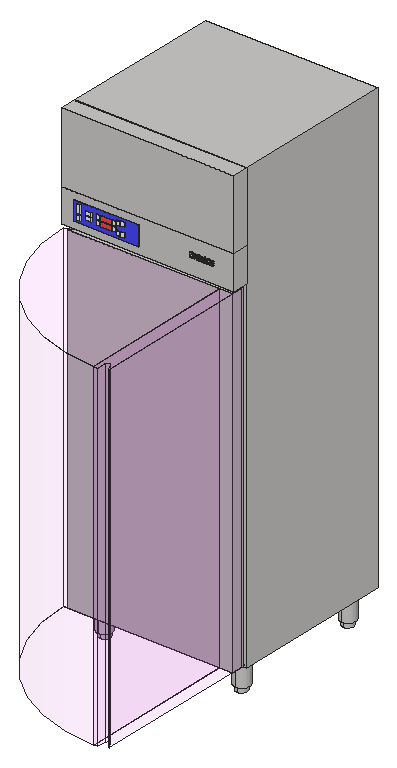
Revit family "QF_ELECTROLUXPROFESSIONAL_727892_RBC20156", category Specialty Equipment, Revit 2018
Family settings
  Round Connector Dimension = Use Diameter
  Part Type = Normal
  Work Plane-Based = No
  Always vertical = Yes
  Cut with Voids When Loaded = No
  Shared = No
  Room Calculation Point = No
Parameters (values of type "Standard")
  Weight = 231.00 kg
  Watts = 0 W
  Volts = 380 V
  URL Manufacturer = "http://professional.electrolux.com"
  URL = "http://professional.electrolux.com"
  Steam Supply Size = 0 mm
  Steam Supply Minimum Pressure = 0.0 Pa
  Steam Supply Maximum Pressure = 0.0 Pa
  Steam Pounds per Hour = 0
  Refrigeration Suction Line Size = 0 mm
  Refrigeration Liquid Line Size = 0 mm
  Refrigerant Compressor Remote = yes
  Manufacturer = "Electrolux Professional"
  Phase = 3
  Model = "RBC20156"
  Length Actual = 800 mm  # constant formula
  Item Number = "727892"
  Hot Water Size = 0 mm
  Height Actual = 2230 mm  # constant formula
  HP = "3.3 HP"
  Gas Size = 0 mm
  Gas KW = 0
  Gas Input Pressure = 0 W
  Direct Waste Size = 0 mm
  Description = "BLAST CHILLER 56 KG 20 GN1/1-R452A"
  Depth Actual = 835 mm  # constant formula
  Cycle = 50 Hz
  Condensate Return Size = 0 mm
  Compressed Air Volume = 0.0 L/s
  Compressed Air Size = 0 mm
  Compressed Air Pressure = 0.0 Pa
  Cold Water Size = 0 mm
  Accessory = yes
Types (2, lengths in mm): name | URL | Manufacturer | Phase | Model | Description
  (no name) | 0 | 0 | 0 | 0 | 0
  Standard | "http://professional.electrolux.com" | "Electrolux Professional" | 3 | "RBC20156" | "BLAST CHILLER 56 KG 20 GN1/1-R452A"
Values of the unnamed type that differ from the named types
  Volts = 0 V
  URL Manufacturer = ""
  Item Number = ""
  Cycle = 0 Hz
Reference planes
  plane 1 "Center (Front/Back)": y = 137.5
  plane 2: z = 0
  plane 3 "Center (Left/Right)": x = 0
  plane 4 "TOP": z = 2232
  plane 5 "FRONT": y = -312.5
  plane 6 "BACK": y = 521.5
  plane 7 "LEFT": x = -400
  plane 8 "RIGHT": x = 400
  plane 9 "FEET": z = 150
  plane 10: y = -237.5
  plane 11 "DrainX": y = 11.5
  plane 12 "FbY": y = 449.5
  plane 13 "FfY": y = -167.5
  plane 14 "FLr": x = 319
  plane 15 "FLx": x = -319
  plane 16 "EIz": z = 1916
  plane 17: y = -1048.5
Forms (mm)
  Extrusion 1, solid, material "QF_Finishes_Stainless Steel"
    sketch origin (33, 0, 150) x (-1, 0, 0) y (0, -1, 0)
      loop
        circle (33, -11.5) r 16.5
    from -2 to 0
  Extrusion 2, solid, material "QF_Finishes_Stainless Steel"
    sketch origin (0, 0, 0) x (0, 1, 0) y (-1, 0, 0)
      loop
        circle (449.5, -319) r 25
      loop
        circle (-167.5, -319) r 25
      loop
        circle (-167.5, 319) r 25
      loop
        circle (449.5, 319) r 25
    from 25.302 to 0
  Extrusion 3, solid, material "QF_Finishes_Stainless Steel"
    sketch origin (0, 0, 0) x (0, 1, 0) y (-1, 0, 0)
      loop
        circle (449.5, -319) r 35
      loop
        circle (-167.5, -319) r 35
      loop
        circle (-167.5, 319) r 35
      loop
        circle (449.5, 319) r 35
    from 25.302 to 150
  Extrusion 4, solid, material "QF_Finishes_Stainless Steel"
    sketch origin (0, 0, 150) x (-1, 0, 0) y (0, -1, 0)
      loop
        line (-400, -521.5) -> (400, -521.5) -> (400, 237.5) -> (-400, 237.5) -> (-400, -521.5)
    from 0 to 2082
  Extrusion 5, solid, material "QF_Finishes_Stainless Steel"
    sketch origin (0, -15.001, 1443.099) x (0, 1, 0) y (0, 0, 1)
      loop
        line (-297.499, 461.901) -> (-297.499, 306.901) -> (-222.499, 306.901) -> (-222.499, 461.901) -> (-297.499, 461.901)
    from 400 to -400
  Extrusion 6, solid, material "QF_Finishes_Stainless Steel"
    sketch origin (400, -10.001, 0) x (0, -1, 0) y (0, 0, 1)
      loop
        line (290.567, 1736.4) -> (290.567, 1740.1) -> (227.499, 1740.1) -> (227.499, 1736.4) -> (290.567, 1736.4)
      loop
        line (290.567, 158.4) -> (233.803, 158.4)
        arc (233.803, 158.4) -> (229.348, 156.555) -> (227.503, 152.1) r 6.3
        line (227.503, 152.1) -> (227.503, 150) -> (230.779, 150) -> (230.779, 151.399)
        arc (230.779, 151.399) -> (231.657, 153.52) -> (233.779, 154.399) r 3
        line (233.779, 154.399) -> (290.567, 154.399) -> (290.567, 158.4)
    from 50.986 to 17.216
  Extrusion 7, solid, material "QF_Finishes_Stainless Steel"
    sketch origin (101.495, -312.5, 0) x (-1, 0, 0) y (0, 0, 1)
      loop
        line (263.995, 128.302) -> (-61.005, 128.302) -> (-61.005, 126.302) -> (-63.005, 126.302) -> (-63.005, 150) -> (-77.505, 150) -> (-77.505, 148.302) -> (-64.505, 148.302) -> (-64.505, 124.795) -> (-61.005, 124.795) -> (-61.005, 120.802) -> (-47.01, 120.802) -> (-47.01, 85.802) -> (252.991, 85.802) -> (252.991, 120.802) -> (263.995, 120.802) -> (263.995, 124.795) -> (267.495, 124.795) -> (267.495, 148.302) -> (280.495, 148.302) -> (280.495, 150) -> (265.995, 150) -> (265.995, 126.302) -> (263.995, 126.302) -> (263.995, 128.302)
    from 505 to 153.183
  Extrusion 8, solid, material "QF_Clearances", detail levels coarse
    sketch origin (0, 0, 0) x (1, 0, 0) y (0, 1, 0)
      loop
        line (-400, -312.5) -> (-400, 521.5) -> (400, 521.5) -> (400, -312.5) -> (450, -312.5) -> (450, 571.5) -> (-450, 571.5) -> (-450, -312.5) -> (-400, -312.5)
    from 2232 to 0
  Extrusion 9, solid, material "QF_Door-Drawer Clearances"
    sketch origin (-0.635, 0, 150) x (-1, 0, 0) y (0, -1, 0)
      loop
        line (-395.092, 1026.519) -> (-395.092, 261.519) -> (-335.092, 261.519) -> (-335.092, 1048.5) -> (-356.592, 1048.5) -> (-356.592, 1004.706)
        arc (-356.592, 1004.706) -> (-363.585, 995.169) -> (-374.784, 998.971) r 10
        line (-374.784, 998.971) -> (-391.454, 1027.577)
        arc (-391.454, 1027.577) -> (-393.693, 1028.337) -> (-395.092, 1026.43) r 2
    from 8.4 to 1586.4
  Extrusion 10, solid, material "QF_Finishes_Stainless Steel"
    sketch origin (0, 0, 333.88) x (0, 1, 0) y (0, 0, 1)
      loop
        line (-312.5, 1898.12) -> (-312.5, 1571.12) -> (-237.5, 1571.12) -> (-237.5, 1898.12) -> (-312.5, 1898.12)
    from 400 to -400
  Extrusion 11, solid, material "QF_Finishes_White"
    sketch origin (0, -312.5, 0) x (-1, 0, 0) y (0, 0, 1)
      loop
        arc (-211.474, 1844.549) -> (-218.792, 1834.652) -> (-211.474, 1824.755) r 10.352
        line (-211.474, 1824.755) -> (-211.474, 1844.549)
      loop
        line (-210.712, 1844.613) -> (-210.712, 1843.039)
        arc (-210.712, 1843.039) -> (-207.989, 1837.89) -> (-202.742, 1835.359) r 9.332
        line (-202.742, 1835.359) -> (-198.278, 1835.359)
        arc (-198.278, 1835.359) -> (-202.368, 1842.844) -> (-210.712, 1844.613) r 10.21
      loop
        line (-210.468, 1826.188) -> (-210.468, 1824.501)
        arc (-210.468, 1824.501) -> (-202.229, 1826.564) -> (-198.269, 1834.078) r 10.411
        line (-198.269, 1834.078) -> (-201.544, 1834.078)
        arc (-201.544, 1834.078) -> (-207.394, 1831.704) -> (-210.468, 1826.188) r 9.509
      loop
        line (-197.518, 1845.63) -> (-219.548, 1845.63) -> (-219.548, 1823.63) -> (-197.518, 1823.63) -> (-197.518, 1845.63)
    from -4.8 to -3.2
  Extrusion 12, solid, material "QF_Finishes_White"
    sketch origin (432.433, -312.5, 1564.453) x (-1, 0, 0) y (0, 0, 1)
      loop
        line (193.167, 280.964) -> (193.167, 279.02) -> (198.537, 279.02) -> (198.537, 276.182) -> (193.489, 276.182) -> (193.489, 274.232) -> (198.537, 274.232) -> (198.537, 272.515)
        arc (198.537, 272.515) -> (198.012, 271.323) -> (196.778, 270.906) r 1.615
        line (196.778, 270.906) -> (193.023, 270.906) -> (193.023, 268.964) -> (197.262, 268.964)
        arc (197.262, 268.964) -> (199.625, 269.942) -> (200.603, 272.305) r 3.341
        line (200.603, 272.305) -> (200.603, 280.964) -> (193.167, 280.964)
      loop
        line (191.555, 280.964) -> (189.488, 280.964) -> (189.488, 268.964) -> (191.555, 268.964) -> (191.555, 280.964)
      loop
        line (146.663, 280.964) -> (144.595, 280.964) -> (144.595, 268.964) -> (146.663, 268.964) -> (146.663, 280.964)
      loop
        arc (186.07, 272.796) -> (185.679, 271.485) -> (184.54, 270.726) r 2.013
        arc (184.54, 270.726) -> (182.673, 270.564) -> (181.066, 271.529) r 3.039
        line (181.066, 271.529) -> (179.841, 270.304)
        arc (179.841, 270.304) -> (181.732, 269.031) -> (183.987, 268.699) r 5.15
        arc (183.987, 268.699) -> (186.884, 269.899) -> (188.084, 272.796) r 4.097
        arc (188.084, 272.796) -> (187.172, 276.26) -> (183.977, 277.881) r 4.373
        arc (183.977, 277.881) -> (180.348, 276.522) -> (179.288, 272.796) r 4.298
        line (179.288, 272.796) -> (186.07, 272.796)
      loop
        arc (186.018, 274.249) -> (185.108, 275.698) -> (183.453, 276.13) r 2.321
        arc (183.453, 276.13) -> (182.018, 275.623) -> (181.364, 274.249) r 1.983
        line (181.364, 274.249) -> (186.018, 274.249)
      loop
        arc (171.23, 275.114) -> (172.894, 276.024) -> (174.768, 275.738) r 2.961
        arc (174.768, 275.738) -> (175.939, 274.497) -> (176.078, 272.796) r 2.578
        arc (176.078, 272.796) -> (174.082, 270.645) -> (171.296, 271.566) r 2.714
        line (171.296, 271.566) -> (170.006, 270.276)
        arc (170.006, 270.276) -> (175.469, 269.146) -> (178.138, 274.046) r 4.684
        arc (178.138, 274.046) -> (176.554, 276.84) -> (173.538, 277.942) r 4.652
        arc (173.538, 277.942) -> (171.56, 277.59) -> (169.933, 276.412) r 4.497
        line (169.933, 276.412) -> (171.23, 275.114)
      loop
        line (168.663, 280.964) -> (166.596, 280.964) -> (166.596, 277.643) -> (164.718, 277.643) -> (164.718, 275.765) -> (166.596, 275.765) -> (166.596, 272.796)
        arc (166.596, 272.796) -> (166.418, 271.845) -> (165.754, 271.143) r 1.713
        arc (165.754, 271.143) -> (165.235, 270.938) -> (164.68, 270.895) r 1.862
        line (164.68, 270.895) -> (164.68, 268.959)
        arc (164.68, 268.959) -> (166.548, 269.205) -> (168.024, 270.378) r 3.531
        arc (168.024, 270.378) -> (168.484, 271.533) -> (168.663, 272.764) r 5.301
        line (168.663, 272.764) -> (168.663, 280.964)
      loop
        line (160.929, 273.526) -> (160.929, 268.964) -> (162.979, 268.964) -> (162.979, 277.643) -> (160.929, 277.643) -> (160.929, 276.392)
        arc (160.929, 276.392) -> (159.543, 277.581) -> (157.725, 277.752) r 3.016
        line (157.725, 277.752) -> (157.725, 275.765)
        arc (157.725, 275.765) -> (159.117, 275.794) -> (160.355, 275.158) r 2.84
        arc (160.355, 275.158) -> (160.781, 274.391) -> (160.929, 273.526) r 2.607
      loop
        circle (152.671, 273.302) r 4.599
      loop
        circle (152.671, 273.302) r 2.787
      loop
        line (137.14, 272.578) -> (137.14, 277.643) -> (135.056, 277.643) -> (135.056, 272.491)
        arc (135.056, 272.491) -> (136.211, 269.731) -> (139.035, 268.744) r 3.675
        arc (139.035, 268.744) -> (141.828, 269.702) -> (143.014, 272.406) r 3.675
        line (143.014, 272.406) -> (143.014, 277.643) -> (140.93, 277.643) -> (140.93, 272.578)
        arc (140.93, 272.578) -> (140.419, 271.175) -> (139.035, 270.616) r 1.835
        arc (139.035, 270.616) -> (137.65, 271.175) -> (137.14, 272.578) r 1.835
      loop
        line (133.807, 277.643) -> (131.571, 277.643) -> (129.699, 275.066) -> (127.798, 277.643) -> (125.542, 277.643) -> (128.514, 273.615) -> (125.263, 268.961) -> (127.471, 268.961) -> (129.692, 272.018) -> (131.881, 268.961) -> (134.103, 268.961) -> (130.805, 273.567) -> (133.807, 277.643)
      loop
        arc (199.441, 263.989) -> (198.075, 262.743) -> (199.19, 261.268) r 1.372
        line (199.19, 261.268) -> (200.187, 261.268) -> (200.187, 259.839) -> (201.089, 259.839) -> (201.089, 263.989) -> (199.441, 263.989)
      loop
        line (199.229, 262.084) -> (200.187, 262.084) -> (200.187, 263.15) -> (199.229, 263.15)
        arc (199.229, 263.15) -> (198.888, 262.617) -> (199.229, 262.084) r 0.587
      loop
        arc (192.929, 263.989) -> (191.972, 263.599) -> (191.559, 262.651) r 1.37
        arc (191.559, 262.651) -> (191.69, 262.056) -> (192.082, 261.589) r 1.281
        line (192.082, 261.589) -> (191.266, 259.839) -> (192.234, 259.839) -> (192.831, 261.268) -> (193.703, 261.268) -> (193.703, 259.839) -> (194.605, 259.839) -> (194.605, 263.989) -> (192.929, 263.989)
      loop
        line (193.703, 263.15) -> (192.746, 263.15)
        arc (192.746, 263.15) -> (192.404, 262.617) -> (192.746, 262.084) r 0.587
        line (192.746, 262.084) -> (193.703, 262.084) -> (193.703, 263.15)
      loop
        circle (185.967, 261.914) r 2.156
      loop
        circle (185.967, 261.914) r 1.368
      loop
        line (180.268, 263.989) -> (177.677, 263.989) -> (177.677, 263.095) -> (179.388, 263.095) -> (179.388, 262.219) -> (177.826, 262.219) -> (177.826, 261.289) -> (179.388, 261.289) -> (179.388, 259.839) -> (180.268, 259.839) -> (180.268, 263.989)
      loop
        line (174.177, 263.989) -> (171.55, 263.989) -> (171.55, 263.205) -> (173.324, 263.205) -> (173.324, 262.388) -> (171.665, 262.388) -> (171.665, 261.604) -> (173.324, 261.604)
        arc (173.324, 261.604) -> (173.233, 261.009) -> (172.769, 260.626) r 0.845
        line (172.769, 260.626) -> (171.51, 260.626) -> (171.51, 259.842) -> (172.849, 259.842)
        arc (172.849, 259.842) -> (173.794, 260.237) -> (174.177, 261.187) r 1.327
        line (174.177, 261.187) -> (174.177, 263.989)
      loop
        line (159.148, 263.463) -> (159.622, 262.841)
        arc (159.622, 262.841) -> (159.984, 263.162) -> (160.455, 263.275) r 0.998
        arc (160.455, 263.275) -> (160.848, 262.962) -> (160.576, 262.539) r 0.375
        arc (160.576, 262.539) -> (160.105, 262.363) -> (159.646, 262.158) r 8.236
        arc (159.646, 262.158) -> (159.284, 261.921) -> (159, 261.594) r 1.564
        arc (159, 261.594) -> (158.869, 260.883) -> (159.123, 260.206) r 1.349
        arc (159.123, 260.206) -> (159.699, 259.901) -> (160.338, 259.773) r 2.246
        arc (160.338, 259.773) -> (160.855, 259.825) -> (161.333, 260.029) r 1.719
        arc (161.333, 260.029) -> (161.755, 260.41) -> (162.016, 260.915) r 1.595
        line (162.016, 260.915) -> (161.29, 261.253)
        arc (161.29, 261.253) -> (161.084, 260.892) -> (160.747, 260.649) r 0.983
        arc (160.747, 260.649) -> (160.356, 260.55) -> (159.964, 260.643) r 0.846
        arc (159.964, 260.643) -> (159.753, 261.066) -> (160.06, 261.427) r 0.43
        arc (160.06, 261.427) -> (160.545, 261.662) -> (161.056, 261.832) r 4.201
        arc (161.056, 261.832) -> (161.664, 262.559) -> (161.566, 263.502) r 1.217
        arc (161.566, 263.502) -> (161.037, 263.9) -> (160.394, 264.058) r 1.645
        arc (160.394, 264.058) -> (159.698, 263.914) -> (159.148, 263.463) r 1.485
      loop
        line (155.341, 263.989) -> (154.488, 263.989) -> (154.488, 259.842) -> (155.341, 259.842) -> (155.341, 263.989)
      loop
        circle (148.739, 261.916) r 1.29
      loop
        circle (148.739, 261.916) r 2.154
      loop
        line (143.018, 259.842) -> (143.018, 263.989) -> (142.189, 263.989) -> (140.292, 261.303) -> (140.292, 263.989) -> (139.43, 263.989) -> (139.43, 259.842) -> (140.259, 259.842) -> (142.156, 262.449) -> (142.156, 259.842) -> (143.018, 259.842)
      loop
        line (135.131, 259.842) -> (136.046, 259.842) -> (134.424, 263.989) -> (133.624, 263.989) -> (131.872, 259.842) -> (132.789, 259.842) -> (133.193, 260.737) -> (134.727, 260.737) -> (135.131, 259.842)
      loop
        line (133.575, 261.587) -> (134.385, 261.587) -> (133.986, 262.499) -> (133.575, 261.587)
      loop
        line (127.637, 260.626) -> (126.042, 260.626) -> (126.042, 259.842) -> (128.49, 259.842) -> (128.49, 263.989) -> (127.637, 263.989) -> (127.637, 260.626)
      loop
        line (165.366, 263.463) -> (165.84, 262.841)
        arc (165.84, 262.841) -> (166.202, 263.162) -> (166.672, 263.275) r 0.998
        arc (166.672, 263.275) -> (167.065, 262.962) -> (166.793, 262.539) r 0.375
        arc (166.793, 262.539) -> (166.323, 262.363) -> (165.864, 262.158) r 8.236
        arc (165.864, 262.158) -> (165.501, 261.921) -> (165.217, 261.594) r 1.564
        arc (165.217, 261.594) -> (165.086, 260.883) -> (165.341, 260.206) r 1.349
        arc (165.341, 260.206) -> (165.916, 259.901) -> (166.556, 259.773) r 2.246
        arc (166.556, 259.773) -> (167.073, 259.825) -> (167.551, 260.029) r 1.719
        arc (167.551, 260.029) -> (167.972, 260.41) -> (168.234, 260.915) r 1.595
        line (168.234, 260.915) -> (167.508, 261.253)
        arc (167.508, 261.253) -> (167.301, 260.892) -> (166.964, 260.649) r 0.983
        arc (166.964, 260.649) -> (166.574, 260.55) -> (166.182, 260.643) r 0.846
        arc (166.182, 260.643) -> (165.971, 261.066) -> (166.277, 261.427) r 0.43
        arc (166.277, 261.427) -> (166.762, 261.662) -> (167.273, 261.832) r 4.201
        arc (167.273, 261.832) -> (167.881, 262.559) -> (167.783, 263.502) r 1.217
        arc (167.783, 263.502) -> (167.255, 263.9) -> (166.612, 264.058) r 1.645
        arc (166.612, 264.058) -> (165.916, 263.914) -> (165.366, 263.463) r 1.485
    from -3.2 to -4.8
  Extrusion 13, solid, material "QF_Finishes_Stainless Steel"
    sketch origin (350, 521.5, 0) x (-1, 0, 0) y (0, 0, 1)
      loop
        circle (350, 1916) r 10
    from 5 to 0
  Extrusion 14, solid, material "QF_Finishes_Stainless Steel"
    sketch origin (653.5, 82.592, 150) x (0, 1, 0) y (-1, 0, 0)
      loop
        line (-395.092, 1026.519) -> (-395.092, 261.519) -> (-335.092, 261.519) -> (-335.092, 1048.5) -> (-356.592, 1048.5) -> (-356.592, 1004.706)
        arc (-356.592, 1004.706) -> (-363.585, 995.169) -> (-374.784, 998.971) r 10
        line (-374.784, 998.971) -> (-391.454, 1027.577)
        arc (-391.454, 1027.577) -> (-393.693, 1028.337) -> (-395.092, 1026.43) r 2
    from 8.4 to 1586.4
  Extrusion 15, solid, material "QF_Door-Drawer Clearances"
    sketch origin (-0.635, 0, 150) x (-1, 0, 0) y (0, -1, 0)
      loop
        line (-335.092, 1048.5) -> (-335.092, 312.5) -> (394.365, 312.5)
        arc (394.365, 312.5) -> (180.74, 830.26) -> (-335.092, 1048.5) r 737.294
    from 8.4 to 1586.4
  Extrusion 16, solid, material "QF_Clearances", detail levels coarse
    sketch origin (0, 0, 0) x (1, 0, 0) y (0, 1, 0)
      loop
        line (450, -312.5) -> (450, 571.5) -> (-450, 571.5) -> (-450, -312.5) -> (450, -312.5)
    from 2732 to 2232
Lines and regions (mm)
  symbolic lines
    curve 1: line (400, 521.5, 0) -> (400, -312.5, 0)
    curve 2: line (400, 521.5, 0) -> (-400, 521.5, 0)
    curve 3: line (-400, -312.5, 0) -> (-400, 521.5, 0)
    curve 4: line (-400, -312.5, 0) -> (400, -312.5, 0)
  symbolic lines, style "SpecialityEquipmentHiddenLines"
    curve 5: line (400, -237.5, 0) -> (-400, -237.5, 0)
    curve 7: arc (-395, -312.5, 0) -> (-181.375, -830.26, 0) -> (334.457, -1048.5, 0) r 737.294
    curve 8: line (334.457, -1048.5, 0) -> (334.457, -312.5, 0)
    curve 9: line (394.457, -1026.519, 0) -> (394.457, -312.5, 0)
    curve 10: arc (390.819, -1027.577, 0) -> (393.059, -1028.337, 0) -> (394.457, -1026.43, 0) r 2
    curve 11: line (374.149, -998.971, 0) -> (390.819, -1027.577, 0)
    curve 12: arc (355.957, -1004.706, 0) -> (362.95, -995.169, 0) -> (374.149, -998.971, 0) r 10
    curve 13: line (355.957, -1048.5, 0) -> (355.957, -1004.706, 0)
    curve 14: line (334.457, -1048.5, 0) -> (355.957, -1048.5, 0)
  symbolic lines, style "QF_Clearances", detail levels coarse
    curve 6: line (450, -312.5, 0) -> (450, 571.5, 0)
    curve 15: line (450, 571.5, 0) -> (-450, 571.5, 0)
    curve 16: line (-450, 571.5, 0) -> (-450, -312.5, 0)
Dimensions and locks
  equal spacing: plane 7 "LEFT", plane 3 "Center (Left/Right)", plane 8 "RIGHT"
  plane 7 "LEFT" to plane 8 "RIGHT" = 800 mm
  plane 6 "BACK" to plane 5 "FRONT" = 834 mm
  plane 4 "TOP" to plane 2 = 2232 mm
  equal spacing: plane 8 "RIGHT", plane 3 "Center (Left/Right)", plane 7 "LEFT"
  plane 8 "RIGHT" to plane 7 "LEFT" = 800 mm
  plane 6 "BACK" to plane 11 "DrainX" = 510 mm
  plane 7 "LEFT" to plane 15 "FLx" = 81 mm
  plane 14 "FLr" to plane 8 "RIGHT" = 81 mm
  plane 6 "BACK" to plane 12 "FbY" = 72 mm
  plane 10 to plane 5 "FRONT" = 75 mm
  locked: plane 9 "FEET" to level at 150
  plane 16 "EIz" to level = 1916 mm
  plane 6 "BACK" to plane 17 = 1570 mm
  plane 12 "FbY" to plane 13 "FfY" = 617 mm
  Extrusion 8 to plane 7 "LEFT" = 50 mm
  plane 8 "RIGHT" to Extrusion 8 = 50 mm
  Extrusion 8 to plane 6 "BACK" = 50 mm
  Extrusion 8 to plane 4 "TOP" = 0 mm
  aligned and locked: level to plane 2
Automatic sketch dimensions
  curve 16 to plane 5 "FRONT" = 0 mm
  curve 2 to plane 6 "BACK" = 0 mm
  curve 2 to plane 7 "LEFT" = 0 mm
  curve 7 to plane 5 "FRONT" = 0 mm
  curve 14 to plane 17 = 0 mm
  curve 1 to plane 8 "RIGHT" = 0 mm
  curve 6 to plane 5 "FRONT" = 0 mm
  plane 10 to curve 5 = 0 mm
  curve 15 to plane 7 "LEFT" = 50 mm
  plane 14 "FLr" to curve 14 = 15.457 mm
  plane 5 "FRONT" to curve 7 = 1.252 mm
  curve 8 to curve 7 = 7.836 mm
  curve 7 to curve 13 = 21.5 mm
  curve 12 to curve 12 = 10 mm
  curve 12 to curve 11 = 8.192 mm
  plane 8 "RIGHT" to curve 11 = 9.181 mm
  curve 10 to curve 10 = 1.638 mm
  curve 15 to plane 8 "RIGHT" = 50 mm
  plane 17 to curve 11 = 20.923 mm
  curve 10 to curve 10 = 1.148 mm
  curve 10 to curve 13 = 22.871 mm
  plane 6 "BACK" to curve 15 = 50 mm
  plane 8 "RIGHT" to curve 9 = 5.543 mm
  curve 9 to curve 10 = 0.089 mm
  Extrusion 1 sketch curve to plane 3 "Center (Left/Right)" = 0 mm
  plane 11 "DrainX" to Extrusion 1 sketch curve = 0 mm
  Extrusion 2 sketch curve to plane 13 "FfY" = 0 mm  (x2)
  Extrusion 2 sketch curve to plane 12 "FbY" = 0 mm  (x2)
  Extrusion 2 sketch curve to plane 14 "FLr" = 0 mm  (x2)
  Extrusion 2 sketch curve to plane 15 "FLx" = 0 mm  (x2)
  Extrusion 3 sketch curve to plane 13 "FfY" = 0 mm  (x2)
  Extrusion 3 sketch curve to plane 12 "FbY" = 0 mm  (x2)
  Extrusion 3 sketch curve to plane 14 "FLr" = 0 mm  (x2)
  Extrusion 3 sketch curve to plane 15 "FLx" = 0 mm  (x2)
  Extrusion 4 sketch curve to plane 8 "RIGHT" = 0 mm
  Extrusion 4 sketch curve to plane 7 "LEFT" = 0 mm
  Extrusion 4 sketch curve to plane 6 "BACK" = 0 mm
  plane 10 to Extrusion 4 sketch curve = 0 mm
  Extrusion 5 sketch curve to plane 5 "FRONT" = 0 mm
  Extrusion 5 sketch curve to plane 10 = 0 mm
  Extrusion 5 sketch curve to plane 16 "EIz" = 166 mm
  Extrusion 5 sketch curve to plane 16 "EIz" = 11 mm
  Extrusion 6 sketch curve to plane 10 = 0 mm
  Extrusion 6 sketch curve to plane 9 "FEET" = 0 mm
  plane 10 to Extrusion 6 sketch curve = 0.004 mm
  Extrusion 6 sketch curve to Extrusion 6 sketch curve = 3.276 mm
  plane 9 "FEET" to Extrusion 6 sketch curve = 1.399 mm
  Extrusion 6 sketch curve to Extrusion 6 sketch curve = 3 mm
  Extrusion 6 sketch curve to Extrusion 6 sketch curve = 0.024 mm
  plane 9 "FEET" to Extrusion 6 sketch curve = 4.399 mm
  plane 5 "FRONT" to Extrusion 6 sketch curve = 11.932 mm  (x2)
  Extrusion 6 sketch curve to Extrusion 6 sketch curve = 0.701 mm
  Extrusion 6 sketch curve to plane 16 "EIz" = 179.6 mm
  Extrusion 6 sketch curve to Extrusion 6 sketch curve = 3.7 mm
  Extrusion 6 sketch curve to Extrusion 6 sketch curve = 0 mm  (x3)
  Extrusion 7 sketch curve to plane 9 "FEET" = 0 mm  (x2)
  Extrusion 7 sketch curve to plane 14 "FLr" = 140 mm
  Extrusion 7 sketch curve to plane 9 "FEET" = 1.698 mm  (x2)
  Extrusion 7 sketch curve to Extrusion 7 sketch curve = 13 mm  (x2)
  Extrusion 7 sketch curve to Extrusion 7 sketch curve = 1.5 mm  (x2)
  Extrusion 7 sketch curve to Extrusion 7 sketch curve = 3.5 mm
  Extrusion 7 sketch curve to Extrusion 7 sketch curve = 2 mm  (x3)
  Extrusion 7 sketch curve to Extrusion 7 sketch curve = 13.995 mm
  Extrusion 7 sketch curve to plane 9 "FEET" = 29.198 mm
  Extrusion 7 sketch curve to plane 3 "Center (Left/Right)" = 151.496 mm
  Extrusion 7 sketch curve to Extrusion 7 sketch curve = 11.004 mm
  Extrusion 7 sketch curve to Extrusion 7 sketch curve = 0 mm
  Extrusion 7 sketch curve to Extrusion 7 sketch curve = 27.5 mm
  Extrusion 7 sketch curve to Extrusion 7 sketch curve = 35 mm
  Extrusion 7 sketch curve to Extrusion 7 sketch curve = 3.994 mm  (x2)
  Extrusion 7 sketch curve to Extrusion 7 sketch curve = 1.506 mm  (x2)
  Extrusion 8 sketch curve to plane 5 "FRONT" = 0 mm  (x2)
  Extrusion 8 sketch curve to plane 7 "LEFT" = 0 mm
  Extrusion 8 sketch curve to plane 6 "BACK" = 0 mm
  Extrusion 8 sketch curve to plane 8 "RIGHT" = 0 mm
  Extrusion 8 sketch curve to plane 7 "LEFT" = 50 mm
  Extrusion 8 sketch curve to Extrusion 8 sketch curve = 50 mm
  plane 6 "BACK" to Extrusion 8 sketch curve = 50 mm
  Extrusion 9 sketch curve to plane 17 = 0 mm
  plane 8 "RIGHT" to Extrusion 9 sketch curve = 5.543 mm
  Extrusion 9 sketch curve to Extrusion 9 sketch curve = 2 mm
  Extrusion 9 sketch curve to Extrusion 9 sketch curve = 1.638 mm
  plane 8 "RIGHT" to Extrusion 9 sketch curve = 25.851 mm
  Extrusion 9 sketch curve to Extrusion 9 sketch curve = 8.192 mm
  Extrusion 9 sketch curve to Extrusion 9 sketch curve = 10 mm
  plane 14 "FLr" to Extrusion 9 sketch curve = 15.457 mm
  plane 17 to Extrusion 9 sketch curve = 20.923 mm
  Extrusion 9 sketch curve to Extrusion 9 sketch curve = 1.148 mm
  Extrusion 9 sketch curve to Extrusion 9 sketch curve = 22.871 mm
  plane 10 to Extrusion 9 sketch curve = 24.019 mm
  Extrusion 9 sketch curve to Extrusion 9 sketch curve = 0.089 mm
  Extrusion 10 sketch curve to plane 5 "FRONT" = 0 mm
  Extrusion 10 sketch curve to plane 10 = 0 mm
  Extrusion 10 sketch curve to plane 4 "TOP" = 0 mm
  Extrusion 10 sketch curve to plane 16 "EIz" = 11 mm
  Extrusion 11 sketch curve to plane 14 "FLr" = 99.452 mm
  Extrusion 11 sketch curve to Extrusion 11 sketch curve = 8.073 mm
  Extrusion 11 sketch curve to Extrusion 11 sketch curve = 0.762 mm
  Extrusion 11 sketch curve to Extrusion 11 sketch curve = 1.007 mm
  Extrusion 11 sketch curve to Extrusion 11 sketch curve = 2.055 mm
  Extrusion 11 sketch curve to Extrusion 11 sketch curve = 0.194 mm
  Extrusion 11 sketch curve to Extrusion 11 sketch curve = 0.025 mm
  Extrusion 11 sketch curve to Extrusion 11 sketch curve = 5.698 mm
  Extrusion 11 sketch curve to Extrusion 11 sketch curve = 1.198 mm
  Extrusion 11 sketch curve to Extrusion 11 sketch curve = 9.199 mm
  Extrusion 11 sketch curve to Extrusion 11 sketch curve = 9.372 mm
  Extrusion 11 sketch curve to Extrusion 11 sketch curve = 3.266 mm
  Extrusion 11 sketch curve to Extrusion 11 sketch curve = 0.009 mm
  Extrusion 11 sketch curve to Extrusion 11 sketch curve = 3.578 mm
  Extrusion 11 sketch curve to plane 16 "EIz" = 92.37 mm
  Extrusion 11 sketch curve to Extrusion 11 sketch curve = 0.871 mm
  Extrusion 11 sketch curve to Extrusion 11 sketch curve = 0.95 mm
  Extrusion 11 sketch curve to Extrusion 11 sketch curve = 0.254 mm
  Extrusion 11 sketch curve to Extrusion 11 sketch curve = 1.688 mm
  Extrusion 11 sketch curve to Extrusion 11 sketch curve = 0.1 mm
  Extrusion 11 sketch curve to Extrusion 11 sketch curve = 0.001 mm
  Extrusion 11 sketch curve to Extrusion 11 sketch curve = 1.281 mm
  Extrusion 11 sketch curve to Extrusion 11 sketch curve = 1.574 mm
  Extrusion 11 sketch curve to Extrusion 11 sketch curve = 1.08 mm
  Extrusion 12 sketch curve to Extrusion 12 sketch curve = 0 mm  (x40)
  Extrusion 12 sketch curve to plane 14 "FLr" = 11.83 mm
  Extrusion 12 sketch curve to Extrusion 12 sketch curve = 0.278 mm
  Extrusion 12 sketch curve to Extrusion 12 sketch curve = 0.779 mm
  Extrusion 12 sketch curve to Extrusion 12 sketch curve = 2.208 mm
  Extrusion 12 sketch curve to Extrusion 12 sketch curve = 1.595 mm
  Extrusion 12 sketch curve to Extrusion 12 sketch curve = 2.256 mm
  Extrusion 12 sketch curve to Extrusion 12 sketch curve = 0.853 mm  (x3)
  Extrusion 12 sketch curve to Extrusion 12 sketch curve = 0.716 mm
  Extrusion 12 sketch curve to Extrusion 12 sketch curve = 1.178 mm
  Extrusion 12 sketch curve to Extrusion 12 sketch curve = 1.185 mm
  Extrusion 12 sketch curve to Extrusion 12 sketch curve = 1.106 mm
  Extrusion 12 sketch curve to Extrusion 12 sketch curve = 1.872 mm
  Extrusion 12 sketch curve to Extrusion 12 sketch curve = 3.383 mm
  Extrusion 12 sketch curve to Extrusion 12 sketch curve = 2.189 mm
  Extrusion 12 sketch curve to Extrusion 12 sketch curve = 0.917 mm
  Extrusion 12 sketch curve to Extrusion 12 sketch curve = 0.404 mm  (x2)
  Extrusion 12 sketch curve to Extrusion 12 sketch curve = 0.383 mm
  Extrusion 12 sketch curve to Extrusion 12 sketch curve = 0.049 mm  (x2)
  Extrusion 12 sketch curve to Extrusion 12 sketch curve = 2.236 mm
  Extrusion 12 sketch curve to Extrusion 12 sketch curve = 0.411 mm
  Extrusion 12 sketch curve to Extrusion 12 sketch curve = 2.222 mm
  Extrusion 12 sketch curve to Extrusion 12 sketch curve = 0.81 mm
  Extrusion 12 sketch curve to Extrusion 12 sketch curve = 0.8 mm
  Extrusion 12 sketch curve to Extrusion 12 sketch curve = 0.341 mm
  Extrusion 12 sketch curve to Extrusion 12 sketch curve = 1.249 mm
  Extrusion 12 sketch curve to Extrusion 12 sketch curve = 0.916 mm
  Extrusion 12 sketch curve to Extrusion 12 sketch curve = 2.084 mm
  Extrusion 12 sketch curve to Extrusion 12 sketch curve = 1.59 mm  (x2)
  Extrusion 12 sketch curve to Extrusion 12 sketch curve = 0.24 mm  (x2)
  Extrusion 12 sketch curve to Extrusion 12 sketch curve = 0.129 mm
  Extrusion 12 sketch curve to Extrusion 12 sketch curve = 5.006 mm
  Extrusion 12 sketch curve to Extrusion 12 sketch curve = 0.829 mm  (x2)
  Extrusion 12 sketch curve to Extrusion 12 sketch curve = 0.033 mm
  Extrusion 12 sketch curve to Extrusion 12 sketch curve = 1.865 mm
  Extrusion 12 sketch curve to Extrusion 12 sketch curve = 0.032 mm  (x3)
  Extrusion 12 sketch curve to Extrusion 12 sketch curve = 2.085 mm
  Extrusion 12 sketch curve to Extrusion 12 sketch curve = 1.581 mm
  Extrusion 12 sketch curve to Extrusion 12 sketch curve = 2.068 mm
  Extrusion 12 sketch curve to Extrusion 12 sketch curve = 5.721 mm
  Extrusion 12 sketch curve to Extrusion 12 sketch curve = 6.008 mm
  Extrusion 12 sketch curve to Extrusion 12 sketch curve = 1.817 mm
  Extrusion 12 sketch curve to Extrusion 12 sketch curve = 5.054 mm
  Extrusion 12 sketch curve to Extrusion 12 sketch curve = 0.596 mm
  Extrusion 12 sketch curve to Extrusion 12 sketch curve = 0.639 mm
  Extrusion 12 sketch curve to Extrusion 12 sketch curve = 0.156 mm
  Extrusion 12 sketch curve to Extrusion 12 sketch curve = 3.807 mm
  Extrusion 12 sketch curve to Extrusion 12 sketch curve = 0.474 mm  (x2)
  Extrusion 12 sketch curve to Extrusion 12 sketch curve = 0.558 mm  (x2)
  Extrusion 12 sketch curve to Extrusion 12 sketch curve = 0.1 mm  (x2)
  Extrusion 12 sketch curve to Extrusion 12 sketch curve = 0.709 mm  (x2)
  Extrusion 12 sketch curve to Extrusion 12 sketch curve = 0.006 mm  (x2)
  Extrusion 12 sketch curve to Extrusion 12 sketch curve = 0.137 mm  (x2)
  Extrusion 12 sketch curve to Extrusion 12 sketch curve = 0.005 mm  (x3)
  Extrusion 12 sketch curve to Extrusion 12 sketch curve = 0.073 mm  (x2)
  Extrusion 12 sketch curve to Extrusion 12 sketch curve = 0.114 mm  (x3)
  Extrusion 12 sketch curve to Extrusion 12 sketch curve = 0.008 mm  (x2)
  Extrusion 12 sketch curve to Extrusion 12 sketch curve = 0.14 mm  (x2)
  Extrusion 12 sketch curve to Extrusion 12 sketch curve = 0.066 mm  (x2)
  Extrusion 12 sketch curve to Extrusion 12 sketch curve = 0.022 mm  (x2)
  Extrusion 12 sketch curve to Extrusion 12 sketch curve = 2.564 mm
  Extrusion 12 sketch curve to Extrusion 12 sketch curve = 2.451 mm
  Extrusion 12 sketch curve to Extrusion 12 sketch curve = 0.798 mm  (x2)
  Extrusion 12 sketch curve to Extrusion 12 sketch curve = 0.726 mm  (x2)
  Extrusion 12 sketch curve to Extrusion 12 sketch curve = 0.11 mm  (x2)
  Extrusion 12 sketch curve to Extrusion 12 sketch curve = 2.05 mm
  Extrusion 12 sketch curve to Extrusion 12 sketch curve = 1.104 mm  (x2)
  Extrusion 12 sketch curve to Extrusion 12 sketch curve = 2.435 mm
  Extrusion 12 sketch curve to Extrusion 12 sketch curve = 1.316 mm
  Extrusion 12 sketch curve to Extrusion 12 sketch curve = 1.739 mm
  Extrusion 12 sketch curve to Extrusion 12 sketch curve = 1.452 mm
  Extrusion 12 sketch curve to Extrusion 12 sketch curve = 0.075 mm
  Extrusion 12 sketch curve to Extrusion 12 sketch curve = 0.277 mm
  Extrusion 12 sketch curve to Extrusion 12 sketch curve = 3.35 mm
  Extrusion 12 sketch curve to Extrusion 12 sketch curve = 1.877 mm  (x2)
  Extrusion 12 sketch curve to Extrusion 12 sketch curve = 2.067 mm  (x2)
  Extrusion 12 sketch curve to Extrusion 12 sketch curve = 3.337 mm
  Extrusion 12 sketch curve to Extrusion 12 sketch curve = 1.343 mm
  Extrusion 12 sketch curve to Extrusion 12 sketch curve = 1.298 mm  (x2)
  Extrusion 12 sketch curve to Extrusion 12 sketch curve = 1.291 mm  (x2)
  Extrusion 12 sketch curve to Extrusion 12 sketch curve = 3.276 mm
  Extrusion 12 sketch curve to Extrusion 12 sketch curve = 0.04 mm
  Extrusion 12 sketch curve to Extrusion 12 sketch curve = 0.155 mm
  Extrusion 12 sketch curve to Extrusion 12 sketch curve = 0.833 mm
  Extrusion 12 sketch curve to Extrusion 12 sketch curve = 0.271 mm
  Extrusion 12 sketch curve to Extrusion 12 sketch curve = 0.08 mm
  Extrusion 12 sketch curve to Extrusion 12 sketch curve = 2.087 mm
  Extrusion 12 sketch curve to Extrusion 12 sketch curve = 0.826 mm
  Extrusion 12 sketch curve to Extrusion 12 sketch curve = 0.475 mm
  Extrusion 12 sketch curve to Extrusion 12 sketch curve = 0.089 mm
  Extrusion 12 sketch curve to Extrusion 12 sketch curve = 0.002 mm  (x3)
  Extrusion 12 sketch curve to Extrusion 12 sketch curve = 0.093 mm
  Extrusion 12 sketch curve to Extrusion 12 sketch curve = 0.085 mm
  Extrusion 12 sketch curve to Extrusion 12 sketch curve = 3.5 mm
  Extrusion 12 sketch curve to Extrusion 12 sketch curve = 0.15 mm
  Extrusion 12 sketch curve to Extrusion 12 sketch curve = 5.704 mm
  Extrusion 12 sketch curve to Extrusion 12 sketch curve = 1.562 mm
  Extrusion 12 sketch curve to Extrusion 12 sketch curve = 0.554 mm
  Extrusion 12 sketch curve to Extrusion 12 sketch curve = 0.88 mm
  Extrusion 12 sketch curve to Extrusion 12 sketch curve = 1.224 mm  (x2)
  Extrusion 12 sketch curve to Extrusion 12 sketch curve = 2.076 mm
  Extrusion 12 sketch curve to Extrusion 12 sketch curve = 1.98 mm
  Extrusion 12 sketch curve to Extrusion 12 sketch curve = 0.012 mm  (x5)
  Extrusion 12 sketch curve to Extrusion 12 sketch curve = 0.151 mm
  Extrusion 12 sketch curve to Extrusion 12 sketch curve = 0.084 mm
  Extrusion 12 sketch curve to Extrusion 12 sketch curve = 0.145 mm
  Extrusion 12 sketch curve to Extrusion 12 sketch curve = 0.262 mm
  Extrusion 12 sketch curve to Extrusion 12 sketch curve = 0.217 mm
  Extrusion 12 sketch curve to Extrusion 12 sketch curve = 0.074 mm
  Extrusion 12 sketch curve to Extrusion 12 sketch curve = 5.699 mm
  Extrusion 12 sketch curve to Extrusion 12 sketch curve = 2.282 mm
  Extrusion 12 sketch curve to Extrusion 12 sketch curve = 0.052 mm  (x2)
  Extrusion 12 sketch curve to Extrusion 12 sketch curve = 3.418 mm
  Extrusion 12 sketch curve to Extrusion 12 sketch curve = 5.299 mm
  Extrusion 12 sketch curve to Extrusion 12 sketch curve = 0.816 mm
  Extrusion 12 sketch curve to Extrusion 12 sketch curve = 0.968 mm
  Extrusion 12 sketch curve to Extrusion 12 sketch curve = 0.664 mm  (x2)
  Extrusion 12 sketch curve to Extrusion 12 sketch curve = 0.749 mm
  Extrusion 12 sketch curve to Extrusion 12 sketch curve = 0.095 mm
  Extrusion 12 sketch curve to Extrusion 12 sketch curve = 0.088 mm
  Extrusion 12 sketch curve to Extrusion 12 sketch curve = 0.063 mm
  Extrusion 12 sketch curve to Extrusion 12 sketch curve = 1.468 mm
  Extrusion 12 sketch curve to Extrusion 12 sketch curve = 1.612 mm
  Extrusion 12 sketch curve to Extrusion 12 sketch curve = 0.322 mm
  Extrusion 12 sketch curve to Extrusion 12 sketch curve = 0.873 mm
  Extrusion 12 sketch curve to Extrusion 12 sketch curve = 0.712 mm
  Extrusion 12 sketch curve to Extrusion 12 sketch curve = 0.902 mm  (x2)
  Extrusion 12 sketch curve to Extrusion 12 sketch curve = 3.755 mm
  Extrusion 12 sketch curve to Extrusion 12 sketch curve = 0.144 mm
  Extrusion 12 sketch curve to Extrusion 12 sketch curve = 0.484 mm
  Extrusion 12 sketch curve to Extrusion 12 sketch curve = 5.37 mm
  Extrusion 12 sketch curve to Extrusion 12 sketch curve = 1.275 mm
  Extrusion 12 sketch curve to Extrusion 12 sketch curve = 4.585 mm
  Extrusion 12 sketch curve to Extrusion 12 sketch curve = 0.039 mm  (x2)
  Extrusion 12 sketch curve to Extrusion 12 sketch curve = 0.211 mm
  Extrusion 12 sketch curve to Extrusion 12 sketch curve = 0.035 mm
  Extrusion 12 sketch curve to Extrusion 12 sketch curve = 0.997 mm
  Extrusion 12 sketch curve to Extrusion 12 sketch curve = 2.066 mm
  Extrusion 12 sketch curve to plane 16 "EIz" = 96.804 mm
  Extrusion 12 sketch curve to Extrusion 12 sketch curve = 3.027 mm  (x2)
  Extrusion 12 sketch curve to Extrusion 12 sketch curve = 5.095 mm
  Extrusion 12 sketch curve to Extrusion 12 sketch curve = 2.072 mm  (x2)
  Extrusion 12 sketch curve to Extrusion 12 sketch curve = 0.784 mm  (x3)
  Extrusion 12 sketch curve to Extrusion 12 sketch curve = 0.895 mm
  Extrusion 12 sketch curve to Extrusion 12 sketch curve = 2.972 mm  (x2)
  Extrusion 12 sketch curve to Extrusion 12 sketch curve = 0.172 mm  (x4)
  Extrusion 12 sketch curve to Extrusion 12 sketch curve = 0.259 mm  (x2)
  Extrusion 12 sketch curve to Extrusion 12 sketch curve = 0.543 mm
  Extrusion 12 sketch curve to Extrusion 12 sketch curve = 0.338 mm  (x2)
  Extrusion 12 sketch curve to Extrusion 12 sketch curve = 1.429 mm  (x2)
  Extrusion 12 sketch curve to Extrusion 12 sketch curve = 1.451 mm
  Extrusion 12 sketch curve to Extrusion 12 sketch curve = 1.461 mm
  Extrusion 12 sketch curve to Extrusion 12 sketch curve = 0.382 mm  (x2)
  Extrusion 12 sketch curve to Extrusion 12 sketch curve = 0.257 mm
  Extrusion 12 sketch curve to Extrusion 12 sketch curve = 0.094 mm  (x2)
  Extrusion 12 sketch curve to Extrusion 12 sketch curve = 0.06 mm  (x2)
  Extrusion 12 sketch curve to Extrusion 12 sketch curve = 0.851 mm
  Extrusion 12 sketch curve to Extrusion 12 sketch curve = 0.321 mm
  Extrusion 12 sketch curve to Extrusion 12 sketch curve = 2.075 mm
  Extrusion 12 sketch curve to Extrusion 12 sketch curve = 2.073 mm
  Extrusion 12 sketch curve to Extrusion 12 sketch curve = 0.466 mm  (x2)
  Extrusion 12 sketch curve to Extrusion 12 sketch curve = 0.815 mm  (x2)
  Extrusion 12 sketch curve to Extrusion 12 sketch curve = 0.93 mm
  Extrusion 12 sketch curve to Extrusion 12 sketch curve = 0.261 mm  (x2)
  Extrusion 12 sketch curve to Extrusion 12 sketch curve = 0.136 mm  (x2)
  Extrusion 12 sketch curve to Extrusion 12 sketch curve = 1.147 mm
  Extrusion 12 sketch curve to Extrusion 12 sketch curve = 0.911 mm
  Extrusion 12 sketch curve to Extrusion 12 sketch curve = 0.16 mm  (x2)
  Extrusion 12 sketch curve to Extrusion 12 sketch curve = 0.533 mm  (x2)
  Extrusion 12 sketch curve to Extrusion 12 sketch curve = 0.267 mm  (x2)
  Extrusion 12 sketch curve to Extrusion 12 sketch curve = 0.327 mm  (x2)
  Extrusion 12 sketch curve to Extrusion 12 sketch curve = 0.014 mm  (x2)
  Extrusion 12 sketch curve to Extrusion 12 sketch curve = 0.876 mm
  Extrusion 12 sketch curve to Extrusion 12 sketch curve = 0.817 mm
  Extrusion 12 sketch curve to Extrusion 12 sketch curve = 0.623 mm  (x2)
  Extrusion 12 sketch curve to Extrusion 12 sketch curve = 1.539 mm  (x2)
  Extrusion 12 sketch curve to Extrusion 12 sketch curve = 3.363 mm
  Extrusion 12 sketch curve to Extrusion 12 sketch curve = 0.894 mm
  Extrusion 12 sketch curve to Extrusion 12 sketch curve = 0.783 mm
  Extrusion 12 sketch curve to Extrusion 12 sketch curve = 1.49 mm
  Extrusion 12 sketch curve to Extrusion 12 sketch curve = 0.525 mm
  Extrusion 12 sketch curve to Extrusion 12 sketch curve = 0.838 mm
  Extrusion 12 sketch curve to Extrusion 12 sketch curve = 4.901 mm
  Extrusion 12 sketch curve to Extrusion 12 sketch curve = 4.972 mm
  Extrusion 12 sketch curve to Extrusion 12 sketch curve = 4.975 mm  (x2)
  Extrusion 12 sketch curve to Extrusion 12 sketch curve = 1.317 mm
  Extrusion 12 sketch curve to Extrusion 12 sketch curve = 6.315 mm
  Extrusion 12 sketch curve to Extrusion 12 sketch curve = 1.936 mm
  Extrusion 12 sketch curve to Extrusion 12 sketch curve = 1.942 mm
  Extrusion 12 sketch curve to Extrusion 12 sketch curve = 3.057 mm
  Extrusion 12 sketch curve to Extrusion 12 sketch curve = 3.445 mm
  Extrusion 12 sketch curve to Extrusion 12 sketch curve = 0.044 mm
  Extrusion 12 sketch curve to Extrusion 12 sketch curve = 1.561 mm
  Extrusion 12 sketch curve to Extrusion 12 sketch curve = 3.53 mm
  Extrusion 12 sketch curve to Extrusion 12 sketch curve = 0.167 mm
  Extrusion 12 sketch curve to Extrusion 12 sketch curve = 1.153 mm
  Extrusion 12 sketch curve to Extrusion 12 sketch curve = 0.128 mm
  Extrusion 12 sketch curve to Extrusion 12 sketch curve = 2.488 mm
  Extrusion 12 sketch curve to Extrusion 12 sketch curve = 0.34 mm
  Extrusion 12 sketch curve to Extrusion 12 sketch curve = 1.267 mm
  Extrusion 12 sketch curve to Extrusion 12 sketch curve = 0.153 mm
  Extrusion 12 sketch curve to Extrusion 12 sketch curve = 4.063 mm
  Extrusion 12 sketch curve to Extrusion 12 sketch curve = 1.541 mm
  Extrusion 12 sketch curve to Extrusion 12 sketch curve = 0.165 mm
  Extrusion 12 sketch curve to Extrusion 12 sketch curve = 0.017 mm
  Extrusion 12 sketch curve to Extrusion 12 sketch curve = 0.275 mm
  Extrusion 12 sketch curve to Extrusion 12 sketch curve = 0.105 mm
  Extrusion 12 sketch curve to Extrusion 12 sketch curve = 0.054 mm
  Extrusion 12 sketch curve to Extrusion 12 sketch curve = 0.717 mm
  Extrusion 12 sketch curve to Extrusion 12 sketch curve = 0.013 mm
  Extrusion 12 sketch curve to Extrusion 12 sketch curve = 0.499 mm
  Extrusion 12 sketch curve to Extrusion 12 sketch curve = 1.549 mm
  Extrusion 12 sketch curve to Extrusion 12 sketch curve = 0.083 mm
  Extrusion 12 sketch curve to Extrusion 12 sketch curve = 1.597 mm
  Extrusion 12 sketch curve to Extrusion 12 sketch curve = 0.314 mm
  Extrusion 12 sketch curve to Extrusion 12 sketch curve = 0.007 mm
  Extrusion 12 sketch curve to Extrusion 12 sketch curve = 0.316 mm
  Extrusion 12 sketch curve to Extrusion 12 sketch curve = 1.717 mm
  Extrusion 12 sketch curve to Extrusion 12 sketch curve = 1.453 mm
  Extrusion 12 sketch curve to Extrusion 12 sketch curve = 1.278 mm
  Extrusion 12 sketch curve to Extrusion 12 sketch curve = 1.499 mm
  Extrusion 12 sketch curve to Extrusion 12 sketch curve = 1.664 mm
  Extrusion 12 sketch curve to Extrusion 12 sketch curve = 2.97 mm
  Extrusion 12 sketch curve to Extrusion 12 sketch curve = 0.961 mm
  Extrusion 12 sketch curve to Extrusion 12 sketch curve = 1.95 mm
  Extrusion 12 sketch curve to Extrusion 12 sketch curve = 1.234 mm
  Extrusion 12 sketch curve to Extrusion 12 sketch curve = 2.576 mm  (x2)
  Extrusion 12 sketch curve to Extrusion 12 sketch curve = 5.237 mm
  Extrusion 12 sketch curve to Extrusion 12 sketch curve = 1.878 mm
  Extrusion 12 sketch curve to Extrusion 12 sketch curve = 2.838 mm
  Extrusion 12 sketch curve to Extrusion 12 sketch curve = 3.322 mm
  Extrusion 12 sketch curve to Extrusion 12 sketch curve = 1.944 mm
  Extrusion 12 sketch curve to Extrusion 12 sketch curve = 3.321 mm
  Extrusion 12 sketch curve to Extrusion 12 sketch curve = 1.18 mm  (x2)
  Extrusion 12 sketch curve to Extrusion 12 sketch curve = 1.189 mm  (x2)
  Extrusion 12 sketch curve to Extrusion 12 sketch curve = 0.024 mm  (x2)
  Extrusion 12 sketch curve to Extrusion 12 sketch curve = 0.347 mm  (x2)
  Extrusion 12 sketch curve to Extrusion 12 sketch curve = 0.289 mm  (x2)
  Extrusion 12 sketch curve to Extrusion 12 sketch curve = 0.374 mm  (x2)
  Extrusion 12 sketch curve to Extrusion 12 sketch curve = 0.045 mm  (x2)
  Extrusion 12 sketch curve to Extrusion 12 sketch curve = 0.435 mm  (x2)
  Extrusion 12 sketch curve to Extrusion 12 sketch curve = 0.235 mm  (x2)
  Extrusion 12 sketch curve to Extrusion 12 sketch curve = 1.23 mm
  Extrusion 12 sketch curve to Extrusion 12 sketch curve = 4.599 mm
  Extrusion 12 sketch curve to Extrusion 12 sketch curve = 1.812 mm
  Extrusion 13 sketch curve to plane 3 "Center (Left/Right)" = 0 mm
  Extrusion 13 sketch curve to plane 16 "EIz" = 0 mm
  Extrusion 14 sketch curve to plane 5 "FRONT" = 0 mm
  plane 5 "FRONT" to Extrusion 14 sketch curve = 2 mm
  Extrusion 14 sketch curve to Extrusion 14 sketch curve = 1.638 mm
  plane 5 "FRONT" to Extrusion 14 sketch curve = 20.308 mm
  Extrusion 14 sketch curve to Extrusion 14 sketch curve = 8.192 mm
  Extrusion 14 sketch curve to Extrusion 14 sketch curve = 10 mm
  plane 7 "LEFT" to Extrusion 14 sketch curve = 5 mm
  plane 10 to Extrusion 14 sketch curve = 15 mm
  plane 7 "LEFT" to Extrusion 14 sketch curve = 25.923 mm
  Extrusion 14 sketch curve to Extrusion 14 sketch curve = 1.148 mm
  Extrusion 14 sketch curve to plane 15 "FLx" = 32.206 mm
  plane 8 "RIGHT" to Extrusion 14 sketch curve = 8.019 mm
  Extrusion 14 sketch curve to Extrusion 14 sketch curve = 0.089 mm
  Extrusion 15 sketch curve to plane 17 = 0 mm
  Extrusion 15 sketch curve to plane 5 "FRONT" = 0 mm
  plane 5 "FRONT" to Extrusion 15 sketch curve = 1.252 mm
  plane 14 "FLr" to Extrusion 15 sketch curve = 23.293 mm
  Extrusion 15 sketch curve to Extrusion 15 sketch curve = 7.836 mm
  Extrusion 16 sketch curve to plane 5 "FRONT" = 0 mm
  Extrusion 16 sketch curve to plane 7 "LEFT" = 50 mm
  plane 6 "BACK" to Extrusion 16 sketch curve = 50 mm
  Extrusion 16 sketch curve to plane 8 "RIGHT" = 50 mm
  radius of Extrusion 1 sketch curve = 16.5 mm
  radius of Extrusion 2 sketch curve = 25 mm  (x4)
  radius of Extrusion 3 sketch curve = 35 mm  (x4)
  radius of Extrusion 12 sketch curve = 2.156 mm
  radius of Extrusion 12 sketch curve = 1.368 mm
  radius of Extrusion 12 sketch curve = 1.29 mm
  radius of Extrusion 12 sketch curve = 2.154 mm
  radius of Extrusion 13 sketch curve = 10 mm
Nested families
  nested 1: "QF_ELECTROLUXPROFESSIONAL_CROSSWISE_PANEL" at (-193.225, -312.5, 1827.5) x (1, 0, 0) z (0, -1, 0), type "QF_ELECTROLUXPROFESSIONAL_CROSSWISE_PANEL"
Connectors
  piping at (0, 11.5, 148), diameter 33
    settings: on Extrusion 1, index 3, connector inside diameter 609.6 mm, connector length 0 mm, flow factor 0, pipe flow 0.0 L/s, pressure drop 0.0 Pa, fitting loss kfactor 0, connector angle 0.00°, fixture units 0, engagement length 0 mm, angle of deflection 0.00°, flow configuration 1, flow direction 2, fitting loss method 0, system type 16, joint type 0, gender type 0, connector reference index -1, connector utility 0, adjustable connector no, is connector primary yes, connector description "DRAIN"
  electrical at (0, 526.5, 1916)
    settings: on Extrusion 13, index 4, voltage 0 V, apparent load 0 VA, apparent load phase1 0 VA, apparent load phase2 0 VA, apparent load phase3 0 VA, power factor 1, load classification "Other", number of poles 1, system type 30, power factor state 1, is connector primary yes, connector utility no, sub classification motor no, connector description "ELECTRICAL CONNECTION"
Definition of nested family "QF_ELECTROLUXPROFESSIONAL_CROSSWISE_PANEL"
  Parameters
    Default Elevation = 1219.2 mm
  Reference planes
    plane 1 "Center (Front/Back)": y = 0
    plane 2: z = 0
    plane 3 "Center (Left/Right)": x = 0
  Forms (mm)
    Extrusion 1, solid
      sketch origin (0, 0, 0) x (1, 0, 0) y (0, 1, 0)
        loop
          line (-1219.2, 1219.2) -> (-1219.2, -1219.2) -> (1219.2, -1219.2) -> (1219.2, 1219.2) -> (-1219.2, 1219.2)
      from 0 to -304.8
    Extrusion 2, solid
      sketch origin (0, 0, 0) x (1, 0, 0) y (0, 1, 0)
        loop
          line (-150, -45) -> (150, -45) -> (150, 45) -> (-150, 45) -> (-150, -45)
      from 0 to 1.6
    Extrusion 3, solid
      sketch origin (0, 0, 0) x (1, 0, 0) y (0, 1, 0)
        loop
          line (-135.569, 32.041) -> (-135.569, -2.959) -> (-120.569, -2.959) -> (-120.569, 32.041) -> (-135.569, 32.041)
        loop
          line (-135.569, -12.959) -> (-135.569, -32.959) -> (-120.569, -32.959) -> (-120.569, -12.959) -> (-135.569, -12.959)
        loop
          line (29.423, 22.408) -> (29.423, 2.408) -> (44.247, 2.408) -> (44.247, 22.408) -> (29.423, 22.408)
        loop
          line (29.423, -2.592) -> (29.423, -22.592) -> (44.247, -22.592) -> (44.247, -2.592) -> (29.423, -2.592)
        loop
          line (49.431, -12.959) -> (49.431, -32.959) -> (64.431, -32.959) -> (64.431, -12.959) -> (49.431, -12.959)
        loop
          line (69.431, -12.959) -> (69.431, -32.959) -> (84.431, -32.959) -> (84.431, -12.959) -> (69.431, -12.959)
        loop
          line (49.431, 32.041) -> (49.431, 12.041) -> (64.431, 12.041) -> (64.431, 32.041) -> (49.431, 32.041)
        loop
          line (69.431, 32.041) -> (69.431, 12.041) -> (84.431, 12.041) -> (84.431, 32.041) -> (69.431, 32.041)
        loop
          line (-94.868, 2.121) -> (-69.868, 2.121) -> (-69.868, 18.456) -> (-94.868, 18.456) -> (-94.868, 2.121)
        loop
          line (-94.868, -19.293) -> (-69.868, -19.293) -> (-69.868, -2.959) -> (-94.868, -2.959) -> (-94.868, -19.293)
        loop
          line (-42.776, 22.408) -> (-42.776, 2.408) -> (-27.951, 2.408) -> (-27.951, 22.408) -> (-42.776, 22.408)
        loop
          line (-42.776, -2.592) -> (-42.776, -22.592) -> (-27.951, -22.592) -> (-27.951, -2.592) -> (-42.776, -2.592)
      from 3.2 to 1.6
    Extrusion 4, solid
      sketch origin (0, 0, 0) x (1, 0, 0) y (0, 1, 0)
        loop
          line (-22.951, 22.408) -> (-22.951, 2.408) -> (25.045, 2.408) -> (25.045, 22.408) -> (-22.951, 22.408)
        loop
          line (-22.951, -2.592) -> (-22.951, -22.592) -> (25.045, -22.592) -> (25.045, -2.592) -> (-22.951, -2.592)
      from 3.2 to 1.6
  Dimensions and locks
    aligned and locked: plane 2 to Extrusion 1
    aligned and locked: level to Extrusion 1
